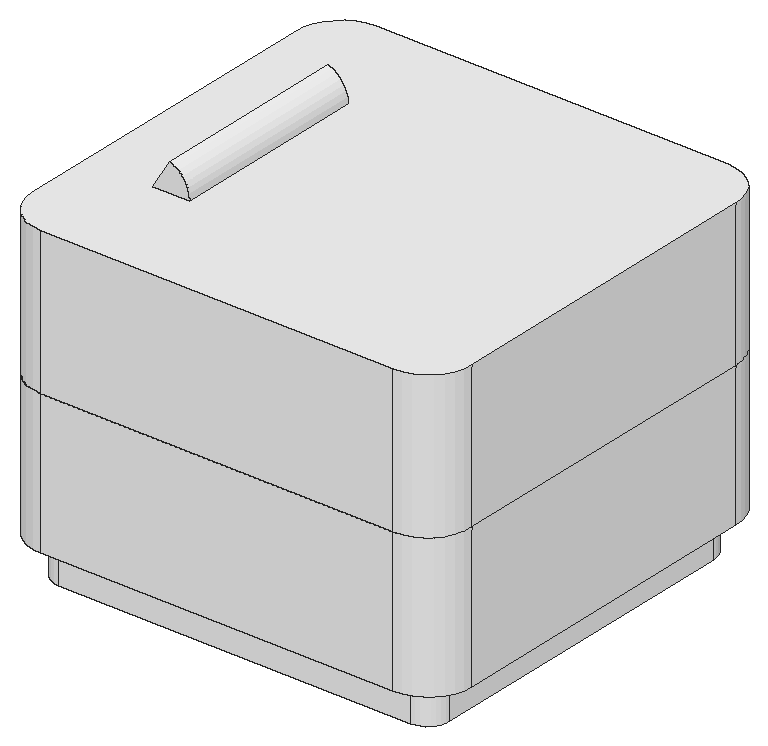
Revit family "Gira_044030", category Electrical Fixtures, host Face, Revit 2017
Family settings
  Host = Face
  Maintain Annotation Orientation = Yes
  Round Connector Dimension = Use Diameter
  Part Type = Normal
  Cut with Voids When Loaded = No
  Shared = No
  Room Calculation Point = No
Parameters (values of type "SCHUKO HC WP surface-mounted grey")
  URL = "http://katalog.gira.de/en/datenblatt.html?artikelnr=044030"
  Transparent = "No"
  Name = "SCHUKO HC WP surface-mounted grey"
  Model = "Protective contact (SCHUKO)"
  Manufacturer URL = "https://www.gira.de/"
  Manufacturer = "Gira"
  Keynote = ""
  HeinzeBIM = "https://bimportal.heinze.de/bim/schuko-hc-wp-surface-mounted-grey/001bc6ef994f9e31831db532c6daafa99ae55a40"
  HAN = "044030"
  GTIN = "4010337440307"
  Description = "SCHUKO HC WP SM GY,SCHUKO socket outlet 16 A 250 V~ with hinged cover,,grey,Notes :,- With increased contact pressure of the eath bar tested in compliance with T.N.O."
  Default Elevation = 1219.2 mm
  Data sheet (1) = "https://katalog.gira.de/en/download.html?artikelnr=044030"
  Category = "Socket outlet"
  BIM (1) = "https://media.stage.bim.site/public/gira/36a6b08/IP44_Komplettgerät_Steckdose.rfa?public/gira/36a6b08/IP44_Komplettgerät_Steckdose.rfa"
  Available = "No"
Reference planes
  plane 1 "Center (Front/Back)": y = 0
  plane 2: z = 0
  plane 3 "Center (Left/Right)": x = 0
Forms (mm)
  Extrusion 1, solid, material "White", detail levels fine
    sketch origin (41, 0, 0) x (1, 0, 0) y (0, 1, 0)
      loop
        line (-9, 38) -> (-73, 38)
        arc (-73, 38) -> (-78.657, 35.657) -> (-81, 30) r 8
        line (-81, 30) -> (-81, -30)
        arc (-81, -30) -> (-78.657, -35.657) -> (-73, -38) r 8
        line (-73, -38) -> (-9, -38)
        arc (-9, -38) -> (-3.343, -35.657) -> (-1, -30) r 8
        line (-1, -30) -> (-1, 30)
        arc (-1, 30) -> (-3.343, 35.657) -> (-9, 38) r 8
    from 0 to 26
  Extrusion 2, solid, material "White", detail levels fine
    sketch origin (41, 0, 0) x (1, 0, 0) y (0, 1, 0)
      loop
        line (-9, 38) -> (-73, 38)
        arc (-73, 38) -> (-78.657, 35.657) -> (-81, 30) r 8
        line (-81, 30) -> (-81, -30)
        arc (-81, -30) -> (-78.657, -35.657) -> (-73, -38) r 8
        line (-73, -38) -> (-9, -38)
        arc (-9, -38) -> (-3.343, -35.657) -> (-1, -30) r 8
        line (-1, -30) -> (-1, 30)
        arc (-1, 30) -> (-3.343, 35.657) -> (-9, 38) r 8
    from 26 to 52.5
  Extrusion 3, solid, material "White", detail levels fine
    sketch origin (41, 0, 0) x (1, 0, 0) y (0, 0, 1)
      loop
        line (-68.7, 52.5) -> (-62.067, 52.5)
        arc (-62.067, 52.5) -> (-63.019, 55.628) -> (-65.7, 57.5) r 5
        line (-65.7, 57.5) -> (-68.7, 52.5)
    from 18 to -18
  Extrusion 4, solid, material "White", detail levels medium
    sketch origin (41, -5.734, 0) x (1, 0, 0) y (0, 1, 0)
      loop
        line (-9, 43.734) -> (-73, 43.734)
        arc (-73, 43.734) -> (-78.657, 41.391) -> (-81, 35.734) r 8
        line (-81, 35.734) -> (-81, -24.266)
        arc (-81, -24.266) -> (-78.657, -29.923) -> (-73, -32.266) r 8
        line (-73, -32.266) -> (-9, -32.266)
        arc (-9, -32.266) -> (-3.343, -29.923) -> (-1, -24.266) r 8
        line (-1, -24.266) -> (-1, 35.734)
        arc (-1, 35.734) -> (-3.343, 41.391) -> (-9, 43.734) r 8
    from 0 to 52.5
  Extrusion 5, solid, material "White", detail levels medium
    sketch origin (41, 0, 0) x (1, 0, 0) y (0, 0, 1)
      loop
        line (-68.7, 57.5) -> (-68.7, 52.5) -> (-62.067, 52.5) -> (-62.067, 57.5) -> (-68.7, 57.5)
    from -18 to 18
  Extrusion 6, solid, material "White", detail levels coarse
    sketch origin (41, 0, 0) x (1, 0, 0) y (0, 1, 0)
      loop
        line (-1, 38) -> (-81, 38) -> (-81, -38) -> (-1, -38) -> (-1, 38)
    from -7 to 57.5
  Extrusion 7, solid, material "White", detail levels medium+fine
    sketch origin (41, 0, 0) x (1, 0, 0) y (0, 1, 0)
      loop
        line (-9, 34) -> (-73, 34)
        arc (-73, 34) -> (-75.828, 32.828) -> (-77, 30) r 4
        line (-77, 30) -> (-77, -30)
        arc (-77, -30) -> (-75.828, -32.828) -> (-73, -34) r 4
        line (-73, -34) -> (-9, -34)
        arc (-9, -34) -> (-6.172, -32.828) -> (-5, -30) r 4
        line (-5, -30) -> (-5, 30)
        arc (-5, 30) -> (-6.172, 32.828) -> (-9, 34) r 4
    from 0 to -7
Dimensions and locks
  Extrusion 6 to plane 3 "Center (Left/Right)" to Extrusion 6 = 40 mm, 40 mm
  aligned and locked: plane 2 to host face
  aligned and locked: level to host face
  aligned and locked: plane 3 "Center (Left/Right)" to nested 1
  aligned and locked: plane 1 "Center (Front/Back)" to nested 1
Nested families
  nested 1: "Steckdose 1-fach Beschriftung" at (0, 0, 0), type "Steckdose 1-fach Beschriftung"
Connectors
  electrical at (0, 0, -7)
    settings: on Extrusion 7, index 1, voltage 220 V, apparent load 0 VA, apparent load phase1 0 VA, apparent load phase2 0 VA, apparent load phase3 0 VA, power factor 1, load classification "Other", number of poles 1, system type 31, power factor state 1, is connector primary yes, connector utility no, sub classification motor no, connector description ""
Definition of nested family "Steckdose 1-fach Beschriftung"
  Reference planes
    plane 1: y = 0
    plane 2: x = 0
  Lines and regions (mm)
    detail lines
      curve 1: line (0, 0, 0) -> (0, 2, 0)
      curve 3: line (0, 2, 0) -> (-1, 2, 0)
      curve 4: arc (1, 3, 0) -> (0, 2, 0) -> (-1, 3, 0) r 1
      curve 5: line (0, 2, 0) -> (1, 2, 0)
    reference lines
      curve 2: line (-0.485, 3, 0) -> (2.315, 3, 0)
  Dimensions and locks
    curve 1 to curve 1 = 2 mm
    plane 1 to curve 2 = 3 mm
    curve 3 to curve 3 = 1 mm
